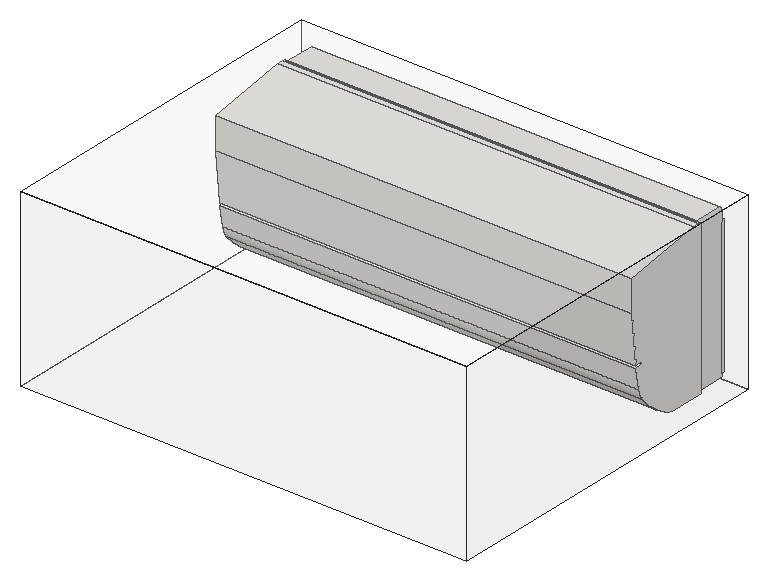
Revit family "msz-gv22_5626_50hz", category 機械設備, Revit 2023
Family settings
  丸型コネクタ寸法 = 直径を使用
  パーツ タイプ = 標準
  OmniClass 番号 = 23.75.10.24.21.27.27
  OmniClass タイトル = Split System Air Conditioning Units
  作業面ベース = いいえ
  常に垂直 = はい
  ロード時にボイドで切り取り = いいえ
  注釈の向きを維持 = いいえ
  共有 = いいえ
  部屋計算ポイント = いいえ
Parameters (values of type "MSZ-GV2226-T-IN")
  風量 = MAX風量  # 635.0 m³/h
  音響パワーレベル(dB) = if([運転音(強冷房)  db] > [運転音(強暖房)  db], [運転音(強冷房)  db], [運転音(強暖房)  db])  # 64
  電源種別 = ""
  電圧_電気ヒーター = 0 V
  電圧 = 100 V
  電動機出力_送風機 = 28.00 W
  運転音(強暖房)  db = 64
  運転音(強冷房)  db = 62
  運転音(弱暖房)  db = 43
  運転音(静冷房)  db = 41
  運転音(弱冷房)  db = 43
  運転音(中暖房)  db = 50
  運転音(中冷房)  db = 51
  運転質量 = 0.00 kg
  連動 = ""
  質量 = if(製品質量 > 運転質量, 製品質量, 運転質量) * 1.2  # 9.60 kg
  負荷分類 = 1 熱源類
  説明 = "ルームエアコン(霧ヶ峰) GVシリーズ　室内ユニット"
  設計暖房能力 [instance] = 0.00 kW
  設計冷房能力_顕熱 [instance] = 0 kW
  設計冷房能力 [instance] = 0 kW
  設置方法 = "壁掛形"
  記号 [instance] = ""
  製造元 = "三菱電機株式会社"
  製品質量 = 8.00 kg
  製品出荷対象 = "国内"
  製品リリース年月 = "2026/02/13"
  製品グループ = ""
  系統 [instance] = ""
  符号 = "ACR-WR"
  積算_科目 = "1 空気調和設備"
  積算_拾い区分 [instance] = ""
  相_電気ヒーター = 1
  相 = 1
  盤記号 [instance] = ""
  発停方法 = "付属リモコン"
  特殊仕様 [instance] = ""
  火災停止 = ""
  消費電力_暖房 = 470.00 W
  消費電力_冷房 = 655.00 W
  消費電力 = 655.00 W
  法定耐用年数 = "6"
  構成品番 = ""
  極数 = 3
  材質 = ""
  本体マテリアル = Paint(Ivory)
  暖房能力 = 2.20 kW
  暖房 風量 = 635.0 m³/h
  既定の高さ = 0 mm
  形式 = "壁掛（露出）形"
  幹線記号 = ""
  始動方式 = "インバータ"
  呼称 = "パッケージ形空気調和機_室内機"
  周波数 = 50 Hz
  台数_手元リモコン = ""
  参照している仕様書等のバージョン = "公共建築物標準仕様書（機械設備工事編）平成31年度版"
  加湿給水管径 = 0.00 mm
  分類コード = "50053004203070"
  分類グループ = "設備"
  冷房能力 = 2.2 kW
  冷房 風量 = 635.0 m³/h
  冷媒高低圧ガス管径 = 0.00 mm
  冷媒管径符号 = "Ab"
  冷媒管径 = 100.00 mm
  冷媒液管高さ = 126 mm
  冷媒液管長さ = 85 mm
  冷媒液管径 = 6.35 mm
  冷媒ガス管高さ = 126 mm
  冷媒ガス管長さ = 86 mm
  冷媒ガス管径 = 9.52 mm
  企業コード = "108420"
  付属品 [instance] = ""
  モデル = "MSZ-GV2226-T-IN"
  ドレン管高さ = 190 mm
  ドレン管径 = 16.00 mm
  サービススペース = yes
  コメント [instance] = ""
  【値が 0 の項目は組合せ形名にてご確認ください】 = ""
  Width = 799 mm
  Version = ""
  Uniclass2015Version = "Systems v1.9"
  Uniclass2015Title = "Split coil remote air cooled condensing units"
  Uniclass2015Code = "Pr_70_65_03_84"
  URL = "https://www.mitsubishielectric.co.jp/ldg/wink/ssl/displayProduct.do?pid=355239&ccd=1040101411"
  SpecificationReference = ""
  SpecificationDescription = ""
  Revision = ""
  ProductInformation = ""
  OmniClassCode = "23-33 17 13 11"
  MAX風量 = 635.0 m³/h
  IfcTypeProduct = ""
  IfcProduct = ""
  IfcExportType = "AIRCONDITIONINGUNIT"
  IfcExportAs = "IfcUnitaryEquipmentType"
  Height = 295 mm
  Depth = 225 mm
  Clearance Top = 33 mm
  Clearance Right = 40 mm
  Clearance Left = 20 mm
  Clearance Front = 445 mm
  Clearance Bottom = 7 mm
  Clearance Back = 0 mm
  BLCJ仕様バージョン = "2.0"
  Author = "三菱電機株式会社"
Types (13, lengths in mm): name | 風量 | 音響パワーレベル(dB) | 電圧 | 電動機出力_送風機 | 運転音(強暖房)  db | 運転音(強冷房)  db | 運転音(弱暖房)  db | 運転音(静冷房)  db | 運転音(弱冷房)  db | 運転音(中暖房)  db | 運転音(中冷房)  db | 質量 | 製品質量 | 消費電力_暖房 | 消費電力_冷房 | 消費電力 | 本体マテリアル | 暖房能力 | 暖房 風量 | 冷房能力 | 冷房 風量 | モデル | URL | MAX風量 | Clearance Front
  (no name) | 635.0 m³/h | 64 | 100 V | 28.00 W | 64 | 62 | 43 | 41 | 43 | 50 | 51 | 9.60 kg | 8.00 kg | 470.00 W | 655.00 W | 655.00 W | Paint(Ivory) | 2.20 kW | 635.0 m³/h | 2.2 kW | 635.0 m³/h | "MSZ-GV2226-T-IN" | "https://www.mitsubishielectric.co.jp/ldg/wink/ssl/displayProduct.do?pid=355239&ccd=1040101411" | 635.0 m³/h | 445
  MSZ-GV2226-W-IN | 635.0 m³/h | 64 | 100 V | 28.00 W | 64 | 62 | 43 | 41 | 43 | 50 | 51 | 9.60 kg | 8.00 kg | 470.00 W | 655.00 W | 655.00 W | none | 2.20 kW | 635.0 m³/h | 2.2 kW | 635.0 m³/h | "MSZ-GV2226-W-IN" | "https://www.mitsubishielectric.co.jp/ldg/wink/ssl/displayProduct.do?pid=355236&ccd=1040101411" | 635.0 m³/h | 445
  MSZ-GV2526-W-IN | 655.0 m³/h | 64 | 100 V | 28.00 W | 64 | 63 | 43 | 41 | 43 | 50 | 51 | 10.80 kg | 9.00 kg | 625.00 W | 745.00 W | 745.00 W | none | 2.80 kW | 655.0 m³/h | 2.5 kW | 635.0 m³/h | "MSZ-GV2526-W-IN" | "https://www.mitsubishielectric.co.jp/ldg/wink/ssl/displayProduct.do?pid=355241&ccd=1040101411" | 655.0 m³/h | 445
  MSZ-GV2826-W-IN | 665.0 m³/h | 64 | 100 V | 28.00 W | 64 | 63 | 43 | 41 | 43 | 50 | 51 | 10.80 kg | 9.00 kg | 910.00 W | 800.00 W | 910.00 W | none | 3.60 kW | 650.0 m³/h | 2.8 kW | 665.0 m³/h | "MSZ-GV2826-W-IN" | "https://www.mitsubishielectric.co.jp/ldg/wink/ssl/displayProduct.do?pid=355246&ccd=1040101411" | 665.0 m³/h | 445
  MSZ-GV3626-W-IN | 670.0 m³/h | 64 | 100 V | 28.00 W | 64 | 64 | 47 | 41 | 47 | 53 | 54 | 10.80 kg | 9.00 kg | 1215.00 W | 1415.00 W | 1415.00 W | none | 4.20 kW | 660.0 m³/h | 3.6 kW | 670.0 m³/h | "MSZ-GV3626-W-IN" | "https://www.mitsubishielectric.co.jp/ldg/wink/ssl/displayProduct.do?pid=355251&ccd=1040101411" | 670.0 m³/h | 445
  MSZ-GV4026S-W-IN | 670.0 m³/h | 66 | 200 V | 40.00 W | 65 | 66 | 47 | 44 | 47 | 54 | 54 | 10.80 kg | 9.00 kg | 1480.00 W | 1660.00 W | 1660.00 W | none | 5.00 kW | 660.0 m³/h | 4 kW | 670.0 m³/h | "MSZ-GV4026S-W-IN" | "https://www.mitsubishielectric.co.jp/ldg/wink/ssl/displayProduct.do?pid=355256&ccd=1040101411" | 670.0 m³/h | 445
  MSZ-GV5626S-W-IN | 785.0 m³/h | 67 | 200 V | 40.00 W | 67 | 66 | 47 | 45 | 47 | 54 | 54 | 10.80 kg | 9.00 kg | 1980.00 W | 2380.00 W | 2380.00 W | none | 6.70 kW | 725.0 m³/h | 5.6 kW | 785.0 m³/h | "MSZ-GV5626S-W-IN" | "https://www.mitsubishielectric.co.jp/ldg/wink/ssl/displayProduct.do?pid=355261&ccd=1040101411" | 785.0 m³/h | 215
  MSZ-GV2226-T-IN | 635.0 m³/h | 64 | 100 V | 28.00 W | 64 | 62 | 43 | 41 | 43 | 50 | 51 | 9.60 kg | 8.00 kg | 470.00 W | 655.00 W | 655.00 W | Paint(Ivory) | 2.20 kW | 635.0 m³/h | 2.2 kW | 635.0 m³/h | "MSZ-GV2226-T-IN" | "https://www.mitsubishielectric.co.jp/ldg/wink/ssl/displayProduct.do?pid=355239&ccd=1040101411" | 635.0 m³/h | 445
  MSZ-GV2526-T-IN | 655.0 m³/h | 64 | 100 V | 28.00 W | 64 | 63 | 43 | 41 | 43 | 50 | 51 | 10.80 kg | 9.00 kg | 625.00 W | 745.00 W | 745.00 W | none | 2.80 kW | 655.0 m³/h | 2.5 kW | 635.0 m³/h | "MSZ-GV2526-T-IN" | "https://www.mitsubishielectric.co.jp/ldg/wink/ssl/displayProduct.do?pid=355244&ccd=1040101411" | 655.0 m³/h | 445
  MSZ-GV2826-T-IN | 665.0 m³/h | 64 | 100 V | 28.00 W | 64 | 63 | 43 | 41 | 43 | 50 | 51 | 10.80 kg | 9.00 kg | 910.00 W | 800.00 W | 910.00 W | none | 3.60 kW | 650.0 m³/h | 2.8 kW | 665.0 m³/h | "MSZ-GV2826-T-IN" | "https://www.mitsubishielectric.co.jp/ldg/wink/ssl/displayProduct.do?pid=355249&ccd=1040101411" | 665.0 m³/h | 445
  MSZ-GV3626-T-IN | 670.0 m³/h | 64 | 100 V | 28.00 W | 64 | 64 | 47 | 41 | 47 | 53 | 54 | 10.80 kg | 9.00 kg | 1215.00 W | 1415.00 W | 1415.00 W | none | 4.20 kW | 660.0 m³/h | 3.6 kW | 670.0 m³/h | "MSZ-GV3626-T-IN" | "https://www.mitsubishielectric.co.jp/ldg/wink/ssl/displayProduct.do?pid=355254&ccd=1040101411" | 670.0 m³/h | 445
  MSZ-GV4026S-T-IN | 670.0 m³/h | 66 | 200 V | 40.00 W | 65 | 66 | 47 | 44 | 47 | 54 | 54 | 10.80 kg | 9.00 kg | 1480.00 W | 1660.00 W | 1660.00 W | none | 5.00 kW | 660.0 m³/h | 4 kW | 670.0 m³/h | "MSZ-GV4026S-T-IN" | "https://www.mitsubishielectric.co.jp/ldg/wink/ssl/displayProduct.do?pid=355259&ccd=1040101411" | 670.0 m³/h | 445
  MSZ-GV5626S-T-IN | 785.0 m³/h | 67 | 200 V | 40.00 W | 67 | 66 | 47 | 45 | 47 | 54 | 54 | 10.80 kg | 9.00 kg | 1980.00 W | 2380.00 W | 2380.00 W | none | 6.70 kW | 725.0 m³/h | 5.6 kW | 785.0 m³/h | "MSZ-GV5626S-T-IN" | "https://www.mitsubishielectric.co.jp/ldg/wink/ssl/displayProduct.do?pid=355264&ccd=1040101411" | 785.0 m³/h | 215
Reference planes
  plane 1 "中心(正面/背面)": y = 222.5
  plane 2: z = 0
  plane 3 "中心(左/右)": x = 0
  plane 4: z = 295
  plane 5: y = 340
  plane 6: y = 110
  plane 7: x = -399.5
  plane 8: x = 399.5
  plane 9: x = -419.5
  plane 10: x = 439.5
  plane 11: y = 340
  plane 12: y = -335
  plane 13: z = 328
  plane 14: z = -7
  plane 15: y = 335
  plane 16: x = 400.5
  plane 17: x = 300
Lines and regions (mm)
  Masking region 1, detail levels coarse+medium
    outline origin (0, 0, 0) x (1, 0, 0) y (0, 1, 0)
      loop
        line (-399.5, 340) -> (-399.5, 110) -> (399.5, 110) -> (399.5, 340) -> (-399.5, 340)
  symbolic lines, detail levels coarse+medium
    curve 1: line (-399.5, 340, 0) -> (399.5, 340, 0)
    curve 2: line (-399.5, 110, 0) -> (-399.5, 340, 0)
    curve 3: line (399.5, 110, 0) -> (-399.5, 110, 0)
    curve 4: line (399.5, 340, 0) -> (399.5, 110, 0)
Dimensions and locks
  equal spacing: plane 7, plane 3 "中心(左/右)", plane 8
  "Width": plane 7 to plane 8
  "Clearance Back": plane 5 to plane 11
  "Clearance Front": plane 12 to plane 6
  "Clearance Right": plane 8 to plane 10
  "Clearance Left": plane 9 to plane 7
  "Height": plane 4 to level
  "Clearance Bottom": level to plane 14
  "Clearance Top": plane 13 to plane 4
  locked: plane 15 to plane 5 at 5
  equal spacing: plane 6, plane 1 "中心(正面/背面)", plane 15
  "Depth": plane 6 to plane 15
  locked: plane 8 to plane 16 at 1
  plane 12 to plane 11 = 675 mm
  aligned and locked: level to plane 2
  aligned and locked: plane 9 to nested 1
  aligned and locked: plane 10 to nested 1
  aligned and locked: plane 12 to nested 1
  aligned and locked: plane 11 to nested 1
  aligned and locked: plane 13 to nested 1
  aligned and locked: plane 3 "中心(左/右)" to nested 2
  aligned and locked: plane 14 to nested 1
  aligned and locked: plane 5 to nested 2
  aligned and locked: Masking region 1 sketch curve to plane 8
  aligned and locked: plane 7 to Masking region 1 sketch curve
  aligned and locked: plane 5 to Masking region 1 sketch curve
  aligned and locked: Masking region 1 sketch curve to plane 6
  aligned and locked: curve 4 to plane 8
  aligned and locked: plane 7 to curve 2
  aligned and locked: curve 3 to plane 6
  aligned and locked: plane 5 to curve 1
Nested families
  nested 1: "サービススペース_MSZ-GV22-5623" at (10, 2.5, 160.5), visible <- "サービススペース", type "サービススペース_MSZ-GV22-5623"
    with Width 859 mm, Height 335 mm, Depth 675 mm
  nested 2: "MSZ-GV○○-○○-IN" at (0, 340, 0), type "MSZ-GV○○-○○-IN"
Connectors
  piping at (300, 340, 55), diameter 100, driven by "冷媒管径", driven by "冷媒管径符号"
    settings: on nested 2, index 1, connector inside diameter 609.60 mm, connector length 0 mm, flow factor 0, pipe flow 0.0 L/s, pressure drop 0.0 Pa, fitting loss kfactor 0, connector angle 0.00°, fixture units 0, engagement length 0 mm, angle of deflection 0.00°, flow configuration 1, flow direction 2, fitting loss method 4, system type 7, joint type 0, gender type 0, connector reference index -1, connector utility 0, adjustable connector no, is connector primary yes, connector description "Ab"
  piping at (300, 340, 25), diameter 16, driven by "ドレン管径"
    settings: on nested 2, index 2, connector inside diameter 609.60 mm, connector length 0 mm, flow factor 0, pipe flow 0.0 L/s, pressure drop 0.0 Pa, fitting loss kfactor 0, connector angle 0.00°, fixture units 0, engagement length 0 mm, angle of deflection 0.00°, flow configuration 1, flow direction 2, fitting loss method 4, system type 16, joint type 0, gender type 0, connector reference index -1, connector utility 0, adjustable connector no, is connector primary no, connector description ""
  electrical at (350, 170, 215), driven by "極数", driven by "負荷分類", driven by "電圧", driven by "消費電力"
    settings: on nested 2, index 5, voltage 100 V, apparent load 655 VA, apparent load phase1 0 VA, apparent load phase2 0 VA, apparent load phase3 0 VA, power factor 1, load classification "1 熱源類", number of poles 3, system type 30, power factor state 1, is connector primary yes, connector utility no, sub classification motor no, connector description ""
Definition of nested family "サービススペース_MSZ-GV22-5623"
  Parameters (values of type "サービススペース")
    Default Elevation = 0 mm
    Width [instance] = 500 mm
    Height [instance] = 500 mm
    Depth [instance] = 500 mm
  Reference planes
    plane 1 "中心(正面/背面)": y = 0
    plane 2: z = 0
    plane 3 "中心(左/右)": x = 0
    plane 4: y = -250
    plane 5: x = 250
    plane 6: y = 250
    plane 7: x = -250
    plane 8: z = 250
    plane 9: z = -250
  Forms (mm)
    Extrusion 1, solid
      sketch origin (-638.939, 0, 72.39) x (1, 0, 0) y (0, 1, 0)
        loop
          line (388.939, 250) -> (388.939, -250) -> (888.939, -250) -> (888.939, 250) -> (388.939, 250)
      from -322.39 to 177.61
  Lines and regions (mm)
    symbolic lines
      curve 1: line (-250, 0, 250) -> (250, 0, 250)
      curve 2: line (-250, 0, -250) -> (-250, 0, 250)
      curve 3: line (250, 0, -250) -> (-250, 0, -250)
      curve 4: line (250, 0, 250) -> (250, 0, -250)
      curve 5: line (0, -250, 250) -> (0, 250, 250)
      curve 6: line (0, -250, -250) -> (0, -250, 250)
      curve 7: line (0, 250, -250) -> (0, -250, -250)
      curve 8: line (0, 250, 250) -> (0, 250, -250)
      curve 9: line (-250, 250, 0) -> (250, 250, 0)
      curve 10: line (-250, -250, 0) -> (-250, 250, 0)
      curve 11: line (250, -250, 0) -> (-250, -250, 0)
      curve 12: line (250, 250, 0) -> (250, -250, 0)
  Dimensions and locks
    equal spacing: plane 7, plane 3 "中心(左/右)", plane 5
    equal spacing: plane 4, plane 1 "中心(正面/背面)", plane 6
    "Depth": plane 4 to plane 6
    "Width": plane 7 to plane 5
    equal spacing: plane 8, plane 2, plane 9
    "Height": plane 8 to plane 9
    aligned and locked: plane 9 to curve 3
    aligned and locked: plane 7 to curve 2
    aligned and locked: curve 4 to plane 5
    aligned and locked: plane 5 to Extrusion 1
    aligned and locked: Extrusion 1 to plane 7
    aligned and locked: Extrusion 1 to plane 9
    aligned and locked: plane 8 to Extrusion 1
    aligned and locked: plane 9 to curve 7
  Automatic sketch dimensions
    plane 4 to Extrusion 1 sketch curve = 0 mm
    Extrusion 1 sketch curve to plane 7 = 0 mm
    Extrusion 1 sketch curve to plane 5 = 0 mm
    plane 6 to Extrusion 1 sketch curve = 0 mm
    curve 2 to plane 8 = 0 mm
    plane 4 to curve 11 = 0 mm
    curve 11 to plane 7 = 0 mm
    curve 11 to plane 5 = 0 mm
    plane 6 to curve 10 = 0 mm
    curve 7 to plane 4 = 0 mm
    curve 7 to plane 6 = 0 mm
    curve 6 to plane 8 = 0 mm
Definition of nested family "MSZ-GV○○-○○-IN"
  Parameters (values of type "MSZ-GV○○-○○-IN")
    配線取出口サイズ = 26 mm
    配線取出口-Z = 0 mm
    配線取出口-Y = 0 mm
    配線取出口-X = 0 mm
    表示 [instance] = yes
    液配管サイズ = 100 mm
    Default Elevation = 0 mm
    H = 295 mm
    D = 225 mm
    吊りボルト_H = 230 mm
    冷媒配管サイズ = 6.35 mm
    冷媒液管径-Z = 0 mm
    冷媒液管径-Y = 0 mm
    冷媒液管径-X = 0 mm
    冷媒ガス管径-Z = 0 mm
    冷媒ガス管径-Y = 0 mm
    冷媒ガス管径-X = 0 mm
    吊りボルト-W = 300 mm
    マテリアル = none
    ドレン配管サイズ = 16 mm
    ドレン管径-Z = 0 mm
    ドレン管径-Y = 0 mm
    ドレン管径-X = 0 mm
    ガス配管サイズ = 9.52 mm
    吊りボルト-D = 200 mm
    W = 799 mm
  Reference planes
    plane 1 "中心(正面/背面)": y = 0
    plane 2: z = 0
    plane 3 "中心(左/右)": x = 0
    plane 4: z = 295
    plane 5: x = -399.5
    plane 6: x = 399.5
    plane 7: y = -230
    plane 8: y = -5
    plane 9: x = 392.5
    plane 10: x = -392.5
    plane 11: y = -23
    plane 12: z = 25
    plane 13: z = 45
    plane 14: z = 65
    plane 15: z = 55
    plane 16: x = 350
    plane 17: x = 393.5
    plane 18: y = -170
    plane 19: z = 215
    plane 20: y = -171
  Forms (mm)
    Extrusion 1, solid, material <- "マテリアル", visible <- "表示", detail levels fine
      sketch origin (399.5, 1296.25, 1200) x (0, 1, 0) y (0, 0, 1)
        loop
          line (-1361.25, -905) -> (-1366.084, -905)
          arc (-1366.084, -905) -> (-1371.503, -905.1) -> (-1376.915, -905.401) r 146.284
          arc (-1376.915, -905.401) -> (-1452.131, -914.37) -> (-1526.25, -930) r 850.001
          line (-1526.25, -930) -> (-1526.25, -989.75)
          arc (-1526.25, -989.75) -> (-1523.968, -1036.991) -> (-1517.141, -1083.791) r 490
          line (-1517.141, -1083.791) -> (-1502.319, -1081.522) -> (-1501.562, -1086.464) -> (-1516.32, -1088.918) -> (-1509.396, -1127.328)
          arc (-1509.396, -1127.328) -> (-1505.888, -1138.744) -> (-1499.774, -1149.003) r 50
          arc (-1499.774, -1149.003) -> (-1475.445, -1174.399) -> (-1446.288, -1194.065) r 165.075
          arc (-1446.288, -1194.065) -> (-1437.659, -1197.419) -> (-1428.49, -1198.699) r 40
          line (-1428.49, -1198.699) -> (-1371.251, -1200) -> (-1361.25, -1200) -> (-1361.25, -905)
      from -799 to 0
    Extrusion 2, solid, material <- "マテリアル", visible <- "表示", detail levels fine
      sketch origin (399.5, 1296.25, 1200) x (0, 1, 0) y (0, 0, 1)
        loop
          line (-1361.25, -1200) -> (-1301.25, -1200) -> (-1301.25, -911.805) -> (-1305.18, -905) -> (-1361.25, -905) -> (-1361.25, -1200)
      from -792 to -7
    Extrusion 3, solid, material <- "マテリアル", visible <- "表示", detail levels fine
      sketch origin (399.5, 1296.25, 1200) x (0, 1, 0) y (0, 0, 1)
        loop
          line (-1301.25, -1192) -> (-1296.25, -1192) -> (-1296.25, -930) -> (-1301.25, -930) -> (-1301.25, -1192)
      from -792 to -7
    Extrusion 4, solid, material <- "マテリアル", visible <- "表示", detail levels fine
      sketch origin (-1019.25, 6, 1200) x (-1, 0, 0) y (0, 0, 1)
        loop
          circle (-1319.25, -1175) r 8
      from -7 to -6
    Extrusion 5, solid, material <- "マテリアル", visible <- "表示", detail levels fine
      sketch origin (-1019.25, 6, 1200) x (-1, 0, 0) y (0, 0, 1)
        loop
          circle (-1319.25, -1155) r 3.175
      from -7 to -6
    Extrusion 6, solid, material <- "マテリアル", visible <- "表示", detail levels fine
      sketch origin (-1019.25, 6, 1200) x (-1, 0, 0) y (0, 0, 1)
        loop
          circle (-1319.25, -1135) r 4.76
      from -7 to -6
    Extrusion 7, solid, material <- "マテリアル", visible <- "表示", detail levels fine
      sketch origin (-1019.25, 6, 1200) x (-1, 0, 0) y (0, 0, 1)
        loop
          circle (-1319.25, -1145) r 15
      from -7 to -6
    Extrusion 8, solid, material <- "マテリアル", visible <- "表示", detail levels fine
      sketch origin (0, 0, 0) x (1, 0, 0) y (0, 0, 1)
        loop
          line (349, 216) -> (349, 214) -> (351, 214) -> (351, 216) -> (349, 216)
      from 170 to 171
  Dimensions and locks
    equal spacing: plane 5, plane 3 "中心(左/右)", plane 6
    "W": plane 5 to plane 6
    "H": plane 4 to level
    locked: plane 8 to plane 1 "中心(正面/背面)" at 5
    "D": plane 7 to plane 8
    locked: plane 5 to plane 10 at 7
    locked: plane 9 to plane 6 at 7
    plane 11 to plane 8 = 18 mm
    plane 12 to level = 25 mm
    plane 13 to level = 45 mm
    plane 14 to level = 65 mm
    equal spacing: plane 14, plane 15, plane 13
    locked: plane 9 to plane 17 at 1
    plane 3 "中心(左/右)" to plane 16 = 350 mm
    plane 18 to plane 1 "中心(正面/背面)" = 170 mm
    plane 4 to plane 19 = 80 mm
    locked: plane 20 to plane 18 at 1
    "ドレン配管サイズ": diameter of Extrusion 4 sketch curve
    "冷媒配管サイズ": diameter of Extrusion 5 sketch curve
    "ガス配管サイズ": diameter of Extrusion 6 sketch curve
    aligned and locked: level to plane 2
    aligned and locked: Extrusion 1 sketch curve to plane 7
    aligned and locked: Extrusion 1 sketch curve to level
    aligned and locked: Extrusion 1 sketch curve to plane 4
    aligned and locked: Extrusion 1 to plane 5
    aligned and locked: plane 6 to Extrusion 1
    aligned and locked: Extrusion 2 sketch curve to plane 8
    aligned and locked: Extrusion 2 sketch curve to level
    aligned and locked: Extrusion 2 sketch curve to plane 4
    aligned and locked: Extrusion 2 to plane 10
    aligned and locked: plane 9 to Extrusion 2
    aligned and locked: Extrusion 3 sketch curve to plane 8
    aligned and locked: Extrusion 3 sketch curve to plane 1 "中心(正面/背面)"
    aligned and locked: Extrusion 3 to plane 10
    aligned and locked: plane 9 to Extrusion 3
    aligned and locked: plane 12 to Extrusion 4 sketch curve
    aligned and locked: plane 13 to Extrusion 5 sketch curve
    aligned and locked: plane 14 to Extrusion 6 sketch curve
    aligned and locked: plane 15 to Extrusion 7 sketch curve
    aligned and locked: plane 20 to Extrusion 8
    aligned and locked: Extrusion 8 to plane 18
  Automatic sketch dimensions
    Extrusion 8 sketch curve to plane 16 = 1 mm
    plane 19 to Extrusion 8 sketch curve = 1 mm
    Extrusion 8 sketch curve to plane 19 = 1 mm
    plane 16 to Extrusion 8 sketch curve = 1 mm
    Extrusion 1 sketch curve to plane 7 = 9.109 mm
    Extrusion 1 sketch curve to Extrusion 1 sketch curve = 0.821 mm
    plane 14 to Extrusion 1 sketch curve = 7.672 mm
    Extrusion 1 sketch curve to plane 7 = 16.855 mm
    Extrusion 1 sketch curve to Extrusion 1 sketch curve = 14.823 mm
    Extrusion 1 sketch curve to Extrusion 1 sketch curve = 0.757 mm
    Extrusion 1 sketch curve to plane 18 = 6.061 mm
    level to Extrusion 1 sketch curve = 1.301 mm
    Extrusion 1 sketch curve to plane 18 = 37.761 mm
    Extrusion 1 sketch curve to plane 13 = 3.709 mm
    Extrusion 1 sketch curve to Extrusion 1 sketch curve = 0.909 mm
    plane 11 to Extrusion 1 sketch curve = 49.834 mm
    plane 11 to Extrusion 1 sketch curve = 46.833 mm
    Extrusion 1 sketch curve to Extrusion 1 sketch curve = 10.001 mm
    Extrusion 1 sketch curve to plane 11 = 5.269 mm
    Extrusion 1 sketch curve to plane 19 = 4.75 mm
    Extrusion 1 sketch curve to plane 1 "中心(正面/背面)" = 260 mm
    Extrusion 1 sketch curve to level = 553.069 mm
    Extrusion 1 sketch curve to Extrusion 1 sketch curve = 8.871 mm
    Extrusion 1 sketch curve to Extrusion 1 sketch curve = 2.454 mm
    Extrusion 1 sketch curve to Extrusion 1 sketch curve = 4.942 mm
    Extrusion 1 sketch curve to plane 19 = 66.284 mm
    Extrusion 1 sketch curve to Extrusion 1 sketch curve = 3.128 mm
    Extrusion 1 sketch curve to plane 4 = 25 mm
    Extrusion 1 sketch curve to Extrusion 1 sketch curve = 0 mm
    plane 8 to Extrusion 2 sketch curve = 3.929 mm
    plane 11 to Extrusion 2 sketch curve = 42 mm
    Extrusion 2 sketch curve to plane 4 = 6.805 mm
    level to Extrusion 3 sketch curve = 8 mm
    Extrusion 3 sketch curve to plane 4 = 25 mm
    Extrusion 7 sketch curve to plane 16 = 50 mm
    Extrusion 4 sketch curve to plane 16 = 50 mm
    Extrusion 5 sketch curve to plane 16 = 50 mm
    Extrusion 6 sketch curve to plane 16 = 50 mm
    radius of Extrusion 7 sketch curve = 15 mm
